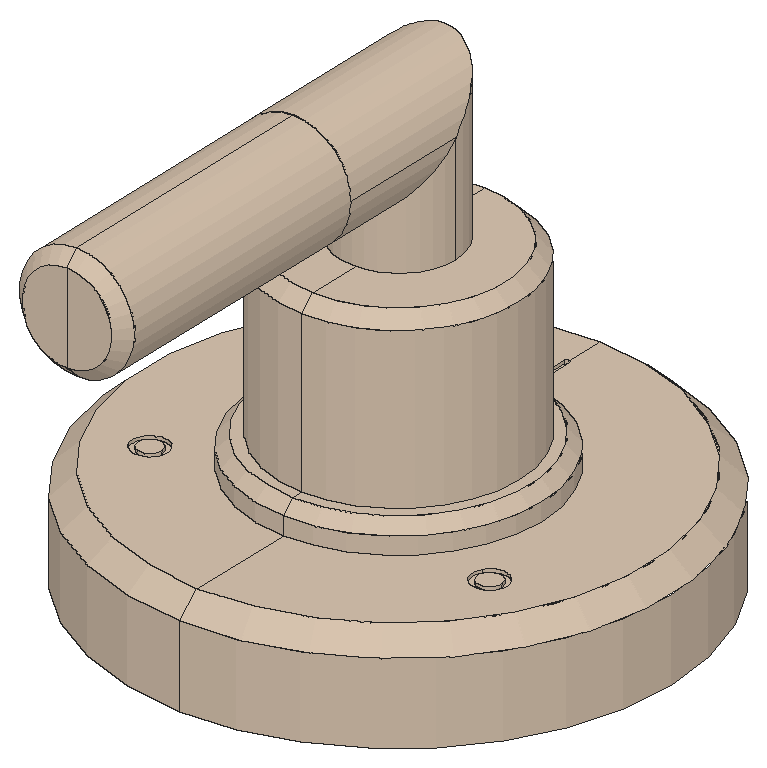
Revit family "Shower-Valve_Trim-KALLISTA-PINNA_PALETTA-P24924", category Specialty Equipment, host Face, Revit 2022
Family settings
  Host = Face
  Round Connector Dimension = Use Diameter
  Part Type = Normal
  OmniClass Number = 23.31.25.00
  Cut with Voids When Loaded = No
  Maintain Annotation Orientation = No
  Shared = No
  Room Calculation Point = No
Parameters (values of type "BAF, BAF-Brushed French Gold")
  Width = 3 189/256"  # constant formula
  WaterSense Certified = 1 = 0  # no
  URL = "https://www.kallista.com/"
  Type = 1
  Secondary Finish = Kallista-Metal-BAF-Brushed_French_Gold
  Product Page URL = "https://www.kallista.com/bathroom/showering/shower-trim/pinna-paletta-transfer-trim-lever-handle-by-laura-kirar-p24924-baf-baf"
  Product Name = "PINNA PALETTA"  # constant formula
  Product Documentation Link = "https://resources.kohler.com/interiors/kallista/pdf/1266042-4.pdf"
  Model = if(Type = 1, "P24924-BAF-BAF", if(Type = 2, "P24924-BAF-BN", if(Type = 3, "P24924-CPH-CP", if(Type = 4, "P24924-SNW-SN", if(Type = 5, "P24924-ULB-ULB", if(Type = 6, "P24924-BNW-BN", "NA"))))))  # "P24924-BAF-BAF"
  Material = "Solid Brass Construction"  # constant formula
  Master Format 2014 Name = "Toilet, Bath, and Laundry Accessories"  # constant formula
  Master Format 2014 = "10 28 00"  # constant formula
  Manufacturer Address = "444 Highland Dr, Kohler, WI 53044"  # constant formula
  Manufacturer = "Kallista Co."  # constant formula
  Length [instance] = 3 29/128"  # constant formula
  Height = 3 189/256"  # constant formula
  Finish = Kallista-Metal-BAF-Brushed_French_Gold
  Environmental Product Declaration = ""
  Description = "TRANSFER TRIM, LEVER HANDLE"  # constant formula
  Default Elevation = 42"
  Declare Label = ""
  Date Modified = "11/27/2023"  # constant formula
  Date Created = "03/11/2022"  # constant formula
  Copyright = "Copyright Kallista Co."  # constant formula
  Contact Us = "https://www.kallista.com/corporate/contact-us/"
  Assembly Code = "C1030200"
  ADA Compliant = 1 = 1  # yes
Types (7): name | Type | Secondary Finish | Product Page URL | Model | Finish
  (no name) | 1 | Kallista-Metal-BAF-Brushed_French_Gold | "https://www.kallista.com/bathroom/showering/shower-trim/pinna-paletta-transfer-trim-lever-handle-by-laura-kirar-p24924-baf-baf" | "P24924-BAF-BAF" | Kallista-Metal-BAF-Brushed_French_Gold
  BAF, BAF-Brushed French Gold | 1 | Kallista-Metal-BAF-Brushed_French_Gold | "https://www.kallista.com/bathroom/showering/shower-trim/pinna-paletta-transfer-trim-lever-handle-by-laura-kirar-p24924-baf-baf" | "P24924-BAF-BAF" | Kallista-Metal-BAF-Brushed_French_Gold
  BAF, BN-Brushed Nickel | 2 | Kallista-Metal-BAF-Brushed_French_Gold | "" | "P24924-BAF-BN" | Kallista-Metal-BN-Brushed_Nickel
  CPH, CP-Chrome | 3 | Kallista-Metal-CPH-Polished_Chrome | "https://www.kallista.com/bathroom/showering/shower-trim/pinna-paletta-transfer-trim-lever-handle-by-laura-kirar-p24924-cph-cp" | "P24924-CPH-CP" | Kallista-Metal-CP-Chrome
  SNW, SN-Polished Nickel | 4 | Kallista-Metal-SNW-Polished_Nickel | "https://www.kallista.com/bathroom/showering/shower-trim/pinna-paletta-transfer-trim-lever-handle-by-laura-kirar-p24924-snw-sn" | "P24924-SNW-SN" | Kallista-Metal-SN-Polished_Nickel
  ULB, ULB-Unlaquered Brass | 5 | Kallista-Metal-ULB-Unlaquered_Brass | "https://www.kallista.com/bathroom/showering/shower-trim/pinna-paletta-transfer-trim-lever-handle-by-laura-kirar-p24924-ulb-ulb" | "P24924-ULB-ULB" | Kallista-Metal-ULB-Unlaquered_Brass
  BNW, BN-Brushed Nickel | 6 | Kallista-Metal-BNW-Brushed_Nickel | "" | "P24924-BNW-BN" | Kallista-Metal-BN-Brushed_Nickel
Reference planes (in)
  plane 1 "Center (Front/Back)": y = 0
  plane 2: z = 0
  plane 3 "Center (Left/Right)": x = 0
  plane 4: x = -1.87008
  plane 5: x = 1.8682
  plane 6: y = 1.87008
  plane 7: y = -1.8682
  plane 8: y = -0.98425
  plane 9: y = 0.98425
  plane 10: x = 0.98425
  plane 11: x = -0.98425
  plane 12: y = -2.83465
  plane 13: z = 3.22656
  plane 14: z = 0.68898
  plane 15: z = 2.83465
  plane 16: z = 2.44094
Dimensions and locks (in)
  "Width": plane 4 to plane 5
  "Height": plane 6 to plane 7
  "Length": plane 13 to level
  plane 1 "Center (Front/Back)" to plane 12 = 2.83465"
  aligned and locked: plane 2 to host face
  aligned and locked: level to host face
Automatic sketch dimensions
  host sketch curve to host sketch curve = 96"  (x2)
Nested families (in)
  nested 1: "P24924" at (0, 0, 0), type "P24924"
Definition of nested family "P24924"
  Parameters
    Secondry Material = none
    Material = none
    Default Elevation = 0"
  Reference planes (in)
    plane 1 "Center (Front/Back)": y = 0
    plane 2: z = 0
    plane 3 "Center (Left/Right)": x = 0
    plane 4: y = -2.83465
    plane 5: z = 0.68898
    plane 6: y = 0.98425
    plane 7: y = -0.98425
    plane 8: x = -0.98425
    plane 9: x = 0.98425
    plane 10: z = 3.22835
    plane 11: z = 2.44094
    plane 12: z = 2.83465
    plane 13: y = 1.87008
    plane 14: y = -1.87008
    plane 15: x = 1.87008
    plane 16: x = -1.87008
  Forms (in)
    Revolve 1, solid, material <- "Material", detail levels medium+fine
      sketch origin (0, 0, 0) x (0, 1, 0) y (0, 0, 1)
        loop
          line (0, 2.10094) -> (0, 0) -> (1.87008, 0) -> (1.87008, 0.55243) -> (1.72117, 0.68898) -> (0.98425, 0.68898) -> (0.98425, 0.80748) -> (0.90418, 0.88755) -> (0.82677, 0.88755) -> (0.82677, 1.97775) -> (0.73587, 2.06865) -> (0.33049, 2.06865) -> (0.33049, 2.10094) -> (0, 2.10094)
        axis (0, 0) -> (0, 2.10094)
      angle from 0 to 360
    Sweep 2, solid, material <- "Material", detail levels medium+fine
      path origin (0, 0, 0) x (0, 1, 0) y (0, 0, 1)
        loop
          line (0, 2.08801) -> (0, 2.83465) -> (-0.89567, 2.83465)
      profile origin (0, 0, 2.46133) x (0, -1, 0) y (1, 0, 0)
        loop
          circle (0, 0) r 0.3937
    Revolve 3, solid, material <- "Secondry Material", detail levels medium+fine
      sketch origin (0, 0, 0) x (0, 1, 0) y (0, 0, 1)
        loop
          line (-0.89567, 3.22835) -> (-2.74818, 3.22835) -> (-2.83465, 3.14188) -> (-2.83465, 2.83465) -> (-0.89567, 2.83465) -> (-0.89567, 3.22835)
        axis (-2.83465, 2.83465) -> (-0.89567, 2.83465)
      angle from 0 to 360
    Extrusion 4, void
      sketch origin (0, 0, 0) x (1, 0, 0) y (0, 1, 0)
        loop
          circle (-1.16262, -0.67124) r 0.11811
        loop
          circle (-1.16262, -0.67124) r 0.07917
        loop
          circle (1.16262, -0.67124) r 0.11811
        loop
          circle (1.16262, -0.67124) r 0.07917
        loop
          line (-0.01969, 1.44171) -> (-0.01969, 1.23763)
          arc (-0.01969, 1.23763) -> (0, 1.21794) -> (0.01969, 1.23763) r 0.01969
          line (0.01969, 1.23763) -> (0.01969, 1.44171)
          arc (0.01969, 1.44171) -> (0, 1.46139) -> (-0.01969, 1.44171) r 0.01969
      from 0.66929 to 0.7874
    Revolve 5, solid, material <- "Material", detail levels coarse
      sketch origin (0, 0, 0) x (0, 1, 0) y (0, 0, 1)
        loop
          line (0, 2.06865) -> (0, 0) -> (1.87008, 0) -> (1.87008, 0.68898) -> (0.98425, 0.68898) -> (0.98425, 2.06865) -> (0, 2.06865)
        axis (0, 2.06865) -> (0, 0)
      angle from 0 to 360
    Sweep 6, solid, material <- "Material", detail levels coarse
      path origin (0, 0, 0) x (0, 1, 0) y (0, 0, 1)
        loop
          line (-2.83465, 2.83465) -> (0, 2.83465) -> (0, 2.06865)
      profile origin (0, 0, 2.45165) x (1, 0, 0) y (0, 1, 0)
        loop
          circle (0, 0) r 0.3937
  Cuts and joins
    joined: Revolve 5, Sweep 6
    Extrusion 4 cuts Revolve 1
    joined: Revolve 1, Sweep 2
  Lines and regions (in)
    Masking region 1
      outline origin (0, 0, 0) x (0, 1, 0) y (0, 0, 1)
        loop
          line (1.87008, 0.55243) -> (1.73353, 0.68898) -> (0.98425, 0.68898) -> (0.98425, 0.80748) -> (0.90418, 0.88755) -> (0.82677, 0.88755) -> (0.82677, 1.97775) -> (0.73587, 2.06865) -> (0.33049, 2.06865) -> (0.29695, 2.08801) -> (0.3937, 2.08801) -> (0.3937, 3.11024)
          arc (0.3937, 3.11024) -> (0.35911, 3.19375) -> (0.27559, 3.22835) r 0.11811
          line (0.27559, 3.22835) -> (-2.74818, 3.22835) -> (-2.83465, 3.14188) -> (-2.83465, 2.52741) -> (-2.74818, 2.44094) -> (-0.51181, 2.44094)
          arc (-0.51181, 2.44094) -> (-0.42829, 2.40635) -> (-0.3937, 2.32283) r 0.11811
          line (-0.3937, 2.32283) -> (-0.3937, 2.08801) -> (-0.29695, 2.08801) -> (-0.33049, 2.06865) -> (-0.73587, 2.06865) -> (-0.82677, 1.97775) -> (-0.82677, 0.88755) -> (-0.90418, 0.88755) -> (-0.98425, 0.80748) -> (-0.98425, 0.68898) -> (-1.73353, 0.68898) -> (-1.87008, 0.55243) -> (-1.87008, 0) -> (1.87008, 0) -> (1.87008, 0.55243)
    Masking region 2
      outline origin (0, 0, 0) x (1, 0, 0) y (0, 1, 0)
        loop
          arc (0.3937, -1.82817) -> (0, 1.87008) -> (-0.3937, -1.82817) r 1.87008
          line (-0.3937, -1.82817) -> (-0.3937, -2.74818) -> (-0.30724, -2.83465) -> (0.30724, -2.83465) -> (0.3937, -2.74818) -> (0.3937, -1.82817)
    Masking region 3
      outline origin (0, 0, 0) x (1, 0, 0) y (0, 0, 1)
        loop
          line (1.87008, 0.55243) -> (1.73353, 0.68898) -> (0.98425, 0.68898) -> (0.98425, 0.80748) -> (0.90418, 0.88755) -> (0.82677, 0.88755) -> (0.82677, 1.97775) -> (0.73587, 2.06865) -> (0.33049, 2.06865) -> (0.29695, 2.08801) -> (0.3937, 2.08801) -> (0.3937, 2.83465)
          arc (0.3937, 2.83465) -> (0, 3.22835) -> (-0.3937, 2.83465) r 0.3937
          line (-0.3937, 2.83465) -> (-0.3937, 2.08801) -> (-0.29695, 2.08801) -> (-0.33049, 2.06865) -> (-0.73587, 2.06865) -> (-0.82677, 1.97775) -> (-0.82677, 0.88755) -> (-0.90418, 0.88755) -> (-0.98425, 0.80748) -> (-0.98425, 0.68898) -> (-1.73353, 0.68898) -> (-1.87008, 0.55243) -> (-1.87008, 0) -> (1.87008, 0) -> (1.87008, 0.55243)
    symbolic lines, detail levels medium+fine
      curve 1: line (0, 1.87008, 0.55243) -> (0, -1.87008, 0.55243)
      curve 2: line (0, 0.98425, 0.68898) -> (0, -0.98425, 0.68898)
      curve 3: line (0, 0.82677, 0.88755) -> (0, -0.82677, 0.88755)
      curve 4: line (0, -0.98425, 0.80748) -> (0, 0.98425, 0.80748)
      curve 5: line (0, 0.82677, 1.97775) -> (0, -0.82677, 1.97775)
      curve 6: line (0, 0.29695, 2.08801) -> (0, -0.29695, 2.08801)
      curve 7: line (0, -0.33049, 2.06865) -> (0, 0.33049, 2.06865)
      curve 8: line (0, -0.89567, 3.22835) -> (0, -0.89567, 2.44094)
      curve 9: line (0, -2.74818, 3.22835) -> (0, -2.74818, 2.44094)
      curve 10: line (0, -0.89567, 2.88026) -> (0, -0.94128, 2.83465)
      curve 11: line (0, -0.89567, 2.959) -> (0, -1.02002, 2.83465)
      curve 12: line (0, -0.89567, 3.03774) -> (0, -1.09876, 2.83465)
      curve 13: line (0, -0.89567, 3.11648) -> (0, -1.1775, 2.83465)
      curve 14: line (0, -0.89567, 3.19522) -> (0, -1.25624, 2.83465)
      curve 15: line (0, -0.94128, 3.22835) -> (0, -1.33498, 2.83465)
      curve 16: line (0, -1.02002, 3.22835) -> (0, -1.41372, 2.83465)
      curve 17: line (0, -1.09876, 3.22835) -> (0, -1.49246, 2.83465)
      curve 18: line (0, -1.1775, 3.22835) -> (0, -1.5712, 2.83465)
      curve 19: line (0, -1.25624, 3.22835) -> (0, -1.64994, 2.83465)
      curve 20: line (0, -1.33498, 3.22835) -> (0, -1.72868, 2.83465)
      curve 21: line (0, -1.41372, 3.22835) -> (0, -1.80742, 2.83465)
      curve 22: line (0, -1.49246, 3.22835) -> (0, -1.88616, 2.83465)
      curve 23: line (0, -1.5712, 3.22835) -> (0, -1.9649, 2.83465)
      curve 24: line (0, -1.64994, 3.22835) -> (0, -2.04365, 2.83465)
      curve 25: line (0, -1.72868, 3.22835) -> (0, -2.12239, 2.83465)
      curve 26: line (0, -1.80742, 3.22835) -> (0, -2.20113, 2.83465)
      curve 27: line (0, -1.88616, 3.22835) -> (0, -2.27987, 2.83465)
      curve 28: line (0, -1.9649, 3.22835) -> (0, -2.35861, 2.83465)
      curve 29: line (0, -2.04365, 3.22835) -> (0, -2.43735, 2.83465)
      curve 30: line (0, -2.12239, 3.22835) -> (0, -2.51609, 2.83465)
      curve 31: line (0, -2.20113, 3.22835) -> (0, -2.59483, 2.83465)
      curve 32: line (0, -2.27987, 3.22835) -> (0, -2.67357, 2.83465)
      curve 33: line (0, -2.35861, 3.22835) -> (0, -2.74818, 2.83877)
      curve 34: line (0, -2.43735, 3.22835) -> (0, -2.74818, 2.91751)
      curve 35: line (0, -2.51609, 3.22835) -> (0, -2.74818, 2.99625)
      curve 36: line (0, -2.59483, 3.22835) -> (0, -2.74818, 3.07499)
      curve 37: line (0, -2.67357, 3.22835) -> (0, -2.74818, 3.15373)
      curve 38: line (0, -0.89567, 2.78903) -> (0, -0.94128, 2.83465)
      curve 39: line (0, -0.89567, 2.71029) -> (0, -1.02002, 2.83465)
      curve 40: line (0, -0.89567, 2.63155) -> (0, -1.09876, 2.83465)
      curve 41: line (0, -0.89567, 2.55281) -> (0, -1.1775, 2.83465)
      curve 42: line (0, -0.89567, 2.47407) -> (0, -1.25624, 2.83465)
      curve 43: line (0, -0.94128, 2.44094) -> (0, -1.33498, 2.83465)
      curve 44: line (0, -1.02002, 2.44094) -> (0, -1.41372, 2.83465)
      curve 45: line (0, -1.09876, 2.44094) -> (0, -1.49246, 2.83465)
      curve 46: line (0, -1.1775, 2.44094) -> (0, -1.5712, 2.83465)
      curve 47: line (0, -1.25624, 2.44094) -> (0, -1.64994, 2.83465)
      curve 48: line (0, -1.33498, 2.44094) -> (0, -1.72868, 2.83465)
      curve 49: line (0, -1.41372, 2.44094) -> (0, -1.80742, 2.83465)
      curve 50: line (0, -1.49246, 2.44094) -> (0, -1.88616, 2.83465)
      curve 51: line (0, -1.5712, 2.44094) -> (0, -1.9649, 2.83465)
      curve 52: line (0, -1.64994, 2.44094) -> (0, -2.04365, 2.83465)
      curve 53: line (0, -1.72868, 2.44094) -> (0, -2.12239, 2.83465)
      curve 54: line (0, -1.80742, 2.44094) -> (0, -2.20113, 2.83465)
      curve 55: line (0, -1.88616, 2.44094) -> (0, -2.27987, 2.83465)
      curve 56: line (0, -1.9649, 2.44094) -> (0, -2.35861, 2.83465)
      curve 57: line (0, -2.04365, 2.44094) -> (0, -2.43735, 2.83465)
      curve 58: line (0, -2.12239, 2.44094) -> (0, -2.51609, 2.83465)
      curve 59: line (0, -2.20113, 2.44094) -> (0, -2.59483, 2.83465)
      curve 60: line (0, -2.27987, 2.44094) -> (0, -2.67357, 2.83465)
      curve 61: line (0, -2.35861, 2.44094) -> (0, -2.74818, 2.83052)
      curve 62: line (0, -2.43735, 2.44094) -> (0, -2.74818, 2.75178)
      curve 63: line (0, -2.51609, 2.44094) -> (0, -2.74818, 2.67304)
      curve 64: line (0, -2.59483, 2.44094) -> (0, -2.74818, 2.5943)
      curve 65: line (0, -2.67357, 2.44094) -> (0, -2.74818, 2.51556)
      curve 66: arc (0.3937, -0.90208, 0) -> (0, 0.98425, 0) -> (-0.3937, -0.90208, 0) r 0.98425
      curve 67: arc (-0.3937, -0.81397, 0) -> (0, 0.90418, 0) -> (0.3937, -0.81397, 0) r 0.90418
      curve 68: arc (0.3937, -0.72702, 0) -> (0, 0.82677, 0) -> (-0.3937, -0.72702, 0) r 0.82677
      curve 69: arc (-0.3937, -0.62169, 0) -> (0, 0.73587, 0) -> (0.3937, -0.62169, 0) r 0.73587
      curve 70: arc (-0.3937, 0, 0) -> (0, 0.3937, 0) -> (0.3937, 0, 0) r 0.3937
      curve 71: line (0.3937, -2.74818, 0) -> (-0.3937, -2.74818, 0)
      curve 72: line (0.3937, -1.83044, 0) -> (0.3937, 0, 0)
      curve 73: line (-0.3937, -1.83044, 0) -> (-0.3937, 0, 0)
      curve 74: line (0.3937, -0.89567, 0) -> (-0.3937, -0.89567, 0)
      curve 75: line (-0.0516, -2.74818, 0) -> (0, -2.69658, 0)
      curve 76: line (-0.13034, -2.74818, 0) -> (0, -2.61784, 0)
      curve 77: line (-0.20908, -2.74818, 0) -> (0, -2.5391, 0)
      curve 78: line (-0.28782, -2.74818, 0) -> (0, -2.46036, 0)
      curve 79: line (-0.36656, -2.74818, 0) -> (0, -2.38162, 0)
      curve 80: line (-0.3937, -2.69658, 0) -> (0, -2.30288, 0)
      curve 81: line (-0.3937, -2.61784, 0) -> (0, -2.22414, 0)
      curve 82: line (-0.3937, -2.5391, 0) -> (0, -2.1454, 0)
      curve 83: line (-0.3937, -2.46036, 0) -> (0, -2.06666, 0)
      curve 84: line (-0.3937, -2.38162, 0) -> (0, -1.98792, 0)
      curve 85: line (-0.3937, -2.30288, 0) -> (0, -1.90918, 0)
      curve 86: line (-0.3937, -2.22414, 0) -> (0, -1.83044, 0)
      curve 87: line (-0.3937, -2.1454, 0) -> (0, -1.7517, 0)
      curve 88: line (-0.3937, -2.06666, 0) -> (0, -1.67296, 0)
      curve 89: line (-0.3937, -1.98792, 0) -> (0, -1.59422, 0)
      curve 90: line (-0.3937, -1.90918, 0) -> (0, -1.51548, 0)
      curve 91: line (-0.3937, -1.83044, 0) -> (0, -1.43674, 0)
      curve 92: line (-0.3937, -1.7517, 0) -> (0, -1.358, 0)
      curve 93: line (-0.3937, -1.67296, 0) -> (0, -1.27926, 0)
      curve 94: line (-0.3937, -1.59422, 0) -> (0, -1.20052, 0)
      curve 95: line (-0.3937, -1.51548, 0) -> (0, -1.12178, 0)
      curve 96: line (-0.3937, -1.43674, 0) -> (0, -1.04304, 0)
      curve 97: line (-0.3937, -1.358, 0) -> (0, -0.9643, 0)
      curve 98: line (-0.3937, -1.27926, 0) -> (-0.01011, -0.89567, 0)
      curve 99: line (-0.3937, -1.20052, 0) -> (-0.08885, -0.89567, 0)
      curve 100: line (-0.3937, -1.12178, 0) -> (-0.16759, -0.89567, 0)
      curve 101: line (-0.3937, -1.04304, 0) -> (-0.24633, -0.89567, 0)
      curve 102: line (-0.3937, -0.9643, 0) -> (-0.32507, -0.89567, 0)
      curve 103: line (0.0516, -2.74818, 0) -> (0, -2.69658, 0)
      curve 104: line (0.13034, -2.74818, 0) -> (0, -2.61784, 0)
      curve 105: line (0.20908, -2.74818, 0) -> (0, -2.5391, 0)
      curve 106: line (0.28782, -2.74818, 0) -> (0, -2.46036, 0)
      curve 107: line (0.36656, -2.74818, 0) -> (0, -2.38162, 0)
      curve 108: line (0.3937, -2.69658, 0) -> (0, -2.30288, 0)
      curve 109: line (0.3937, -2.61784, 0) -> (0, -2.22414, 0)
      curve 110: line (0.3937, -2.5391, 0) -> (0, -2.1454, 0)
      curve 111: line (0.3937, -2.46036, 0) -> (0, -2.06666, 0)
      curve 112: line (0.3937, -2.38162, 0) -> (0, -1.98792, 0)
      curve 113: line (0.3937, -2.30288, 0) -> (0, -1.90918, 0)
      curve 114: line (0.3937, -2.22414, 0) -> (0, -1.83044, 0)
      curve 115: line (0.3937, -2.1454, 0) -> (0, -1.7517, 0)
      curve 116: line (0.3937, -2.06666, 0) -> (0, -1.67296, 0)
      curve 117: line (0.3937, -1.98792, 0) -> (0, -1.59422, 0)
      curve 118: line (0.3937, -1.90918, 0) -> (0, -1.51548, 0)
      curve 119: line (0.3937, -1.83044, 0) -> (0, -1.43674, 0)
      curve 120: line (0.3937, -1.7517, 0) -> (0, -1.358, 0)
      curve 121: line (0.3937, -1.67296, 0) -> (0, -1.27926, 0)
      curve 122: line (0.3937, -1.59422, 0) -> (0, -1.20052, 0)
      curve 123: line (0.3937, -1.51548, 0) -> (0, -1.12178, 0)
      curve 124: line (0.3937, -1.43674, 0) -> (0, -1.04304, 0)
      curve 125: line (0.3937, -1.358, 0) -> (0, -0.9643, 0)
      curve 126: line (0.3937, -1.27926, 0) -> (0.01011, -0.89567, 0)
      curve 127: line (0.3937, -1.20052, 0) -> (0.08885, -0.89567, 0)
      curve 128: line (0.3937, -1.12178, 0) -> (0.16759, -0.89567, 0)
      curve 129: line (0.3937, -1.04304, 0) -> (0.24633, -0.89567, 0)
      curve 130: line (0.3937, -0.9643, 0) -> (0.32507, -0.89567, 0)
      curve 131: line (1.87008, 0, 0.55243) -> (-1.87008, 0, 0.55243)
      curve 132: line (0.98425, 0, 0.68898) -> (-0.98425, 0, 0.68898)
      curve 133: line (0.82677, 0, 0.88755) -> (-0.82677, 0, 0.88755)
      curve 134: line (-0.98425, 0, 0.80748) -> (0.98425, 0, 0.80748)
      curve 135: line (0.29695, 0, 2.08801) -> (-0.29695, 0, 2.08801)
      curve 136: line (0.33049, 0, 2.06865) -> (-0.33049, 0, 2.06865)
      curve 137: line (0.82677, 0, 1.97775) -> (-0.82677, 0, 1.97775)
      curve 138: arc (-0.3937, -1.67554, 0) -> (0, 1.72117, 0) -> (0.3937, -1.67554, 0) r 1.72117
      curve 139: circle (-1.16262, -0.67124, 0) r 0.11811 normal (0, 0, 1)
      curve 140: circle (-1.16262, -0.67124, 0) r 0.07917 normal (0, 0, -1)
      curve 141: circle (1.16262, -0.67124, 0) r 0.11811 normal (0, 0, -1)
      curve 142: circle (1.16262, -0.67124, 0) r 0.07917 normal (0, 0, 1)
      curve 143: line (-0.01969, 1.44171, 0) -> (-0.01969, 1.23763, 0)
      curve 144: line (0.01969, 1.23763, 0) -> (0.01969, 1.44171, 0)
      curve 145: arc (0.01969, 1.44171, 0) -> (0, 1.46139, 0) -> (-0.01969, 1.44171, 0) r 0.01969
      curve 146: arc (-0.01969, 1.23763, 0) -> (0, 1.21794, 0) -> (0.01969, 1.23763, 0) r 0.01969
  Dimensions and locks (in)
    locked: plane 1 "Center (Front/Back)" to plane 4 at 2.83465
    locked: plane 5 to level at 0.68898
    locked: plane 8 to plane 9 at 1.9685
    locked: plane 6 to plane 7 at 1.9685
    locked: plane 6 to Revolve 1 sketch curve at 0.15748
    locked: plane 10 to level at 3.22835
    locked: plane 11 to plane 10 at 0.7874
    locked: plane 12 to plane 10 at 0.3937
    locked: plane 16 to plane 15 at 3.74016
    locked: plane 14 to plane 13 at 3.74016
    aligned and locked: plane 2 to level
    aligned and locked: Revolve 1 sketch curve to plane 5
    aligned and locked: Revolve 1 sketch curve to level
    aligned and locked: Revolve 1 sketch curve to plane 1 "Center (Front/Back)"
    aligned and locked: plane 1 "Center (Front/Back)" to Revolve 1 sketch curve
    aligned and locked: plane 6 to Revolve 1 sketch curve
    aligned and locked: plane 1 "Center (Front/Back)" to Sweep 2 sketch curve
    aligned and locked: Revolve 3 sketch curve to plane 4
    aligned and locked: Revolve 3 sketch curve to Revolve 3 sketch curve
    aligned and locked: plane 1 "Center (Front/Back)" to Revolve 5 sketch curve
    aligned and locked: plane 5 to Revolve 5 sketch curve
    aligned and locked: plane 6 to Revolve 5 sketch curve
    aligned and locked: Revolve 5 sketch curve to plane 1 "Center (Front/Back)"
    aligned and locked: plane 1 "Center (Front/Back)" to Sweep 6 sketch curve
    aligned and locked: plane 12 to Revolve 3 sketch curve
    aligned and locked: cut or joined group of Revolve 1, Sweep 2, Extrusion 4 to Masking region 1 sketch curve
    aligned and locked: Masking region 1 sketch curve to cut or joined group of Revolve 1, Sweep 2, Extrusion 4  (x2)
    aligned and locked: plane 6 to Masking region 1 sketch curve
    aligned and locked: Masking region 2 sketch curve to cut or joined group of Revolve 1, Sweep 2, Extrusion 4
    aligned and locked: Revolve 5 sketch curve to plane 13
